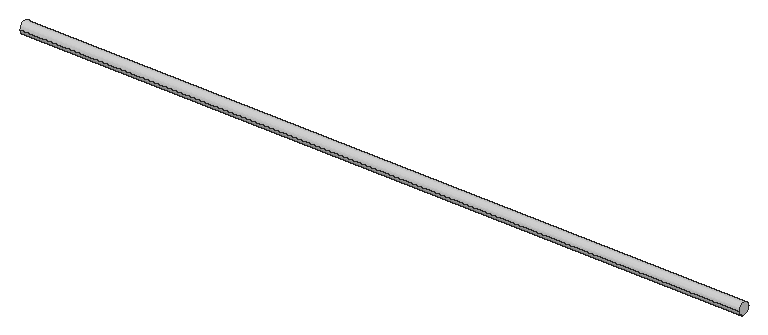
Revit family "TUBE 48-3,1_2125249", category Generic Models, Revit 2018
Family settings
  Can host rebar = No
  Round Connector Dimension = Use Diameter
  Part Type = Normal
  OmniClass Number = 35.51.17.00
  OmniClass Title = SCAFFOLDING SHORING AND FENCING
  Work Plane-Based = Yes
  Always vertical = No
  Cut with Voids When Loaded = No
  Shared = Yes
  Room Calculation Point = No
Parameters
  VERSION = "20190101"  # constant formula
  URL = "www.ulmaconstruction.com/en"
  UNICLASS = ""
  Model = ""
  ITEM_CODE = "2125249"
  Manufacturer = "ULMA CONSTRUCTION"  # constant formula
  FILTER [instance] = ""
  Default Elevation = 0 mm
  CLASSIFICATION_TITLE = ""
  CLASSIFICATION_NUMBER = ""
Reference planes
  plane 1 "Centro (Frontal/Posterior)": y = 0
  plane 2: z = 0
  plane 3 "Centro (Izquierda/Derecha)": x = 0
  plane 4 "ITEM_LENGTH": x = 3100
Forms (mm)
  Extrusion 1, solid, material "ULMA ZINC", detail levels fine
    sketch origin (0, 0, 0) x (0, 1, 0) y (0, 0, 1)
      loop
        circle (0, 0) r 24.15
    from 0 to 3100
Lines and regions (mm)
  model lines, style "ULMA FIXING ITEMS", detail levels fine
    curve 1: circle (0, 0, 0) r 21 normal (1, 0, 0)
    curve 3: circle (3100, 0, 0) r 21 normal (1, 0, 0)
  model lines, style "ULMA FIXING ITEMS", detail levels coarse+medium
    curve 2: line (0, 0, 0) -> (3100, 0, 0)
Dimensions and locks
  locked: plane 3 "Centro (Izquierda/Derecha)" to plane 4 "ITEM_LENGTH" at 3100
  aligned and locked: level to plane 2
  aligned and locked: Extrusion 1 to plane 3 "Centro (Izquierda/Derecha)"
  aligned and locked: plane 4 "ITEM_LENGTH" to Extrusion 1
  aligned and locked: plane 4 "ITEM_LENGTH" to curve 2
